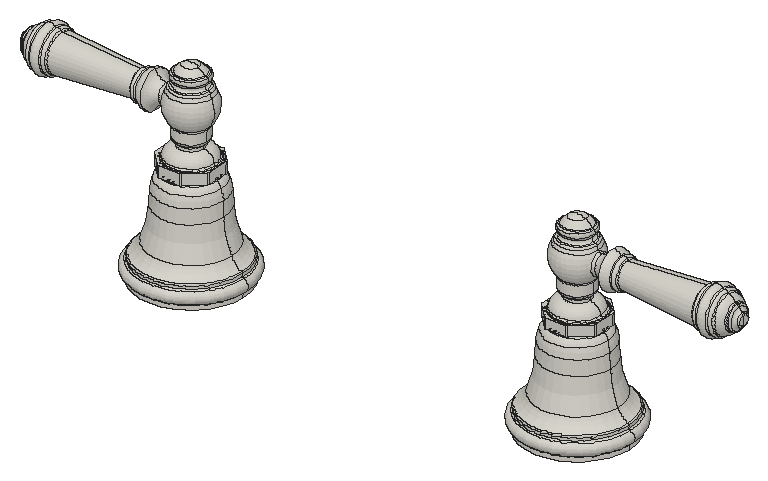
Revit family "Shower-Trim-KOHLER-ARTIFACTS-K-97038BR_1", category Plumbing Fixtures, host Face, Revit 2017
Family settings
  Host = Face
  Round Connector Dimension = Use Diameter
  Part Type = Normal
  OmniClass Number = 23.31.17.00
  OmniClass Title = Showers
  Cut with Voids When Loaded = No
  Shared = No
  Room Calculation Point = No
Parameters (values of type "SN-Vibrant Polished Nickel")
  Width [instance] = 7 7/8"
  WaterSense Certified = 1 = 0  # no
  Waste Water Outlet = "Waste Water Outlet"  # constant formula
  Waste Connection = 1 = 0  # no
  Vent Connection = 1 = 0  # no
  URL = "https://br.kohler.com/"
  Type = 1
  Product Page URL = "https://br.kohler.com/product-detail/97038br-4?skuid=K-97038BR-4-SN"
  Product Name = "Artifacts"  # constant formula
  Product Documentation Link = "http://resources.kohler.com/plumbing/kohlerbrazil/pdf/K-97038BR-4_spec_br.pdf"
  Pressure = 0.00 psi
  Model = "K-97038BR-4-SN"  # constant formula
  Handle Clearance = 3 99/256"  # constant formula
  Material = "Premium Metal Construction"  # constant formula
  Master Format 2014 Name = "Residential Showers"  # constant formula
  Master Format 2014 = "22 42 23"  # constant formula
  Manufacturer Address = "Rio de Janeiro MULTIREPAROS RUA BATISTA DA COSTA, Nº 352 | STORE B Rio de Janeiro SÃO GONÇALO 24450-470"  # constant formula
  Manufacturer = "KOHLER Co."  # constant formula
  Length = 3 15/16"  # constant formula
  Hot Water Inlet = "Hot Water Inlet"  # constant formula
  Height = 2 83/256"  # constant formula
  HW Connection = 1 = 1  # yes
  Flow Rate = 0 GPM
  Finish = Kohler-Metal-SN-Vibrant_Polished_Nickel
  Environmental Product Declaration = ""
  Drain Included = 1 = 0  # no
  Description = "Finish for lever shower mixer"  # constant formula
  Default Elevation = 42"
  Declare Label = ""
  Date Modified = "05/10/2021"  # constant formula
  Date Created = "05/10/2021"  # constant formula
  Copyright = "Copyright KOHLER Co."  # constant formula
  Contact Us = "https://br.kohler.com/asr-listing"
  Cold Water Inlet = "Cold Water Inlet"  # constant formula
  CW Connection = 1 = 1  # yes
  Assembly Code = "D2010700"
  ADA Compliant = 1 = 0  # no
Reference planes (in)
  plane 1 "Center (Front/Back)": y = 0
  plane 2: z = 0
  plane 3 "Center (Left/Right)": x = 0
  plane 4: x = -3.9375
  plane 5: x = 3.9375
  plane 6: y = 1.16142
  plane 7: y = -1.1628
  plane 8: x = -5.09892
  plane 9: x = -2.77608
  plane 10: x = 2.77608
  plane 11: x = 5.09892
  plane 12: x = -7.32422
  plane 13: x = 7.32422
  plane 14: z = 3.9375
  plane 15: z = 0.34482
Dimensions and locks (in)
  equal spacing: plane 4, plane 3 "Center (Left/Right)", plane 5
  "Width": plane 4 to plane 5
  "Handle Clearance": plane 12 to plane 4
  "Length": plane 14 to level
  "Height": plane 7 to plane 6
  "Handle Clearance": plane 5 to plane 13
  locked: plane 11 to plane 10 at 2.32283
  locked: plane 9 to plane 8 at 2.32283
  equal spacing: plane 11, plane 5, plane 10
  equal spacing: plane 9, plane 4, plane 8
  aligned and locked: plane 2 to host face
  aligned and locked: level to host face
  aligned and locked: nested 1 to plane 4
  aligned and locked: plane 5 to nested 2
Automatic sketch dimensions
  host sketch curve to host sketch curve = 96"  (x2)
Nested families (in)
  nested 1: "K-97038BR" at (-0.00049, 0, 0), type "K-97038BR"
  nested 2: "K-97038BR" at (0.00049, 0, 0) x (-1, 0, 0) z (0, 0, 1), type "K-97038BR"
Connectors (in)
  piping at (-3.9375, 0, 0), diameter 0.75, driven by "Flow Rate", driven by "HW Connection", driven by "Hot Water Inlet"
    settings: on nested 1, index 1, connector inside diameter 24", connector length 0", flow factor 0, pipe flow 0 GPM, pressure drop 0.00 psi, fitting loss kfactor 0, connector angle 0.00°, fixture units 0, engagement length 0", angle of deflection 0.00°, flow configuration 0, flow direction 1, fitting loss method 0, system type 19, joint type 0, gender type 0, connector reference index -1, connector utility 1, adjustable connector no, is connector primary yes, connector description "Hot Water Inlet"
  piping at (3.9375, 0, 0), diameter 0.75, driven by "Flow Rate", driven by "CW Connection", driven by "Cold Water Inlet"
    settings: on nested 2, index 2, connector inside diameter 24", connector length 0", flow factor 0, pipe flow 0 GPM, pressure drop 0.00 psi, fitting loss kfactor 0, connector angle 0.00°, fixture units 0, engagement length 0", angle of deflection 0.00°, flow configuration 0, flow direction 1, fitting loss method 0, system type 20, joint type 0, gender type 0, connector reference index -1, connector utility 1, adjustable connector no, is connector primary no, connector description "Cold Water Inlet"
Definition of nested family "K-97038BR"
  Parameters (values of type "K-97038BR")
    Material = none
  Reference planes (in)
    plane 1 "Center (Front/Back)": y = 0
    plane 2: z = 0
    plane 3 "Center (Left/Right)": x = 0
    plane 4: x = -3.93701
    plane 5: x = 3.93701
    plane 6: y = 1.16142
    plane 7: x = -5.09843
    plane 8: x = -2.77559
    plane 9: y = -1.16142
    plane 10: x = 5.09843
    plane 11: x = 2.77559
    plane 12: x = 7.32283
    plane 13: x = -7.32283
    plane 14: z = 3.93701
  Forms (in)
    Revolve 1, solid, material <- "Material", detail levels medium+fine
      sketch origin (0, 0, 0) x (1, 0, 0) y (0, 0, 1)
        loop
          line (-3.93701, 0) -> (-3.93701, 3.93701)
          arc (-3.93701, 3.93701) -> (-4.02172, 3.92455) -> (-4.09926, 3.88823) r 0.29422
          arc (-4.09926, 3.88823) -> (-4.16292, 3.83804) -> (-4.21735, 3.77796) r 0.48586
          arc (-4.21735, 3.77796) -> (-4.22986, 3.76751) -> (-4.24566, 3.76347) r 0.03694
          arc (-4.24566, 3.76347) -> (-4.26148, 3.75842) -> (-4.27218, 3.74574) r 0.02998
          arc (-4.27218, 3.74574) -> (-4.28183, 3.7064) -> (-4.27699, 3.66618) r 0.11306
          arc (-4.27699, 3.66618) -> (-4.26607, 3.64526) -> (-4.24845, 3.62957) r 0.06552
          arc (-4.24845, 3.62957) -> (-4.21959, 3.57522) -> (-4.2535, 3.52386) r 0.06026
          arc (-4.2535, 3.52386) -> (-4.27234, 3.51631) -> (-4.29204, 3.51146) r 0.14527
          arc (-4.29204, 3.51146) -> (-4.31051, 3.50267) -> (-4.32176, 3.48559) r 0.03801
          arc (-4.32176, 3.48559) -> (-4.33567, 3.4487) -> (-4.35327, 3.41343) r 0.38638
          arc (-4.35327, 3.41343) -> (-4.41097, 3.1165) -> (-4.27886, 2.84439) r 0.478
          arc (-4.27886, 2.84439) -> (-4.26668, 2.82581) -> (-4.26241, 2.804) r 0.05779
          line (-4.26241, 2.804) -> (-4.26241, 2.59152)
          arc (-4.26241, 2.59152) -> (-4.25403, 2.56707) -> (-4.23242, 2.55291) r 0.03985
          arc (-4.23242, 2.55291) -> (-4.20003, 2.53167) -> (-4.18747, 2.49502) r 0.05975
          line (-4.18747, 2.49502) -> (-4.18747, 2.43879)
          arc (-4.18747, 2.43879) -> (-4.3346, 2.37741) -> (-4.41067, 2.23731) r 0.23967
          arc (-4.41067, 2.23731) -> (-4.41839, 2.22077) -> (-4.43368, 2.21081) r 0.03321
          line (-4.43368, 2.21081) -> (-4.46463, 2.20126)
          arc (-4.46463, 2.20126) -> (-4.47798, 2.19179) -> (-4.4831, 2.17624) r 0.02619
          line (-4.4831, 2.17624) -> (-4.4831, 2.02613)
          arc (-4.4831, 2.02613) -> (-4.4791, 2.00929) -> (-4.46794, 1.99607) r 0.03737
          arc (-4.46794, 1.99607) -> (-4.45586, 1.97287) -> (-4.46674, 1.94908) r 0.02979
          arc (-4.46674, 1.94908) -> (-4.51781, 1.89395) -> (-4.5521, 1.82707) r 0.27575
          arc (-4.5521, 1.82707) -> (-4.57985, 1.72802) -> (-4.59475, 1.62624) r 0.80529
          arc (-4.59475, 1.62624) -> (-4.60468, 1.48518) -> (-4.61145, 1.34393) r 6.33466
          arc (-4.61145, 1.34393) -> (-4.65472, 1.00788) -> (-4.75829, 0.68527) r 1.85841
          arc (-4.75829, 0.68527) -> (-4.84184, 0.5538) -> (-4.96333, 0.45631) r 0.47641
          arc (-4.96333, 0.45631) -> (-4.97557, 0.44428) -> (-4.98006, 0.42772) r 0.0328
          line (-4.98006, 0.42772) -> (-4.98006, 0.37308)
          arc (-4.98006, 0.37308) -> (-4.98633, 0.35506) -> (-5.00244, 0.34482) r 0.02903
          arc (-5.00244, 0.34482) -> (-5.09444, 0.23532) -> (-5.01572, 0.11591) r 0.11962
          arc (-5.01572, 0.11591) -> (-5.00264, 0.1059) -> (-4.99768, 0.0902) r 0.02734
          line (-4.99768, 0.0902) -> (-4.99768, 0) -> (-3.93701, 0)
        axis (-3.93701, 0) -> (-3.93701, 3.93701)
      angle from 0 to 360
    Extrusion 2, solid, material <- "Material", detail levels medium+fine
      sketch origin (0, 0, 0) x (1, 0, 0) y (0, 1, 0)
        loop
          arc (-4.17741, -0.53741) -> (-4.16347, -0.54673) -> (-4.14703, -0.55) r 0.04297
          line (-4.14703, -0.55) -> (-3.72699, -0.55)
          arc (-3.72699, -0.55) -> (-3.71055, -0.54673) -> (-3.69661, -0.53741) r 0.04297
          line (-3.69661, -0.53741) -> (-3.39959, -0.2404)
          arc (-3.39959, -0.2404) -> (-3.39028, -0.22646) -> (-3.38701, -0.21002) r 0.04297
          line (-3.38701, -0.21002) -> (-3.38701, 0.21002)
          arc (-3.38701, 0.21002) -> (-3.39028, 0.22646) -> (-3.39959, 0.2404) r 0.04297
          line (-3.39959, 0.2404) -> (-3.69661, 0.53741)
          arc (-3.69661, 0.53741) -> (-3.71055, 0.54673) -> (-3.72699, 0.55) r 0.04297
          line (-3.72699, 0.55) -> (-4.14703, 0.55)
          arc (-4.14703, 0.55) -> (-4.16347, 0.54673) -> (-4.17741, 0.53741) r 0.04297
          line (-4.17741, 0.53741) -> (-4.47442, 0.2404)
          arc (-4.47442, 0.2404) -> (-4.48374, 0.22646) -> (-4.48701, 0.21002) r 0.04297
          line (-4.48701, 0.21002) -> (-4.48701, -0.20992)
          arc (-4.48701, -0.20992) -> (-4.48372, -0.22646) -> (-4.47435, -0.24047) r 0.04321
          line (-4.47435, -0.24047) -> (-4.17741, -0.53741)
      from 1.99532 to 2.20551
    Revolve 3, solid, material <- "Material", detail levels medium+fine
      sketch origin (0, 0, 0) x (1, 0, 0) y (0, 0, 1)
        loop
          line (-7.32283, 3.17841) -> (-4.08763, 3.17841) -> (-4.08763, 3.42596) -> (-4.32051, 3.42596)
          arc (-4.32051, 3.42596) -> (-4.37699, 3.38206) -> (-4.44797, 3.37311) r 0.13524
          arc (-4.44797, 3.37311) -> (-4.58212, 3.43271) -> (-4.66511, 3.5538) r 0.26942
          arc (-4.66511, 3.5538) -> (-4.7528, 3.53502) -> (-4.82472, 3.48144) r 0.21049
          arc (-4.82472, 3.48144) -> (-4.84423, 3.47148) -> (-4.86518, 3.47785) r 0.02928
          arc (-4.86518, 3.47785) -> (-4.90837, 3.4873) -> (-4.9419, 3.45848) r 0.04953
          arc (-4.9419, 3.45848) -> (-4.95288, 3.44568) -> (-4.96926, 3.44166) r 0.02759
          line (-4.96926, 3.44166) -> (-6.57231, 3.55375)
          arc (-6.57231, 3.55375) -> (-6.58681, 3.55873) -> (-6.59691, 3.57026) r 0.02976
          arc (-6.59691, 3.57026) -> (-6.62781, 3.59631) -> (-6.66793, 3.59138) r 0.05053
          arc (-6.66793, 3.59138) -> (-6.68897, 3.58833) -> (-6.70609, 3.60096) r 0.02798
          arc (-6.70609, 3.60096) -> (-6.79167, 3.64921) -> (-6.87737, 3.60116) r 0.10024
          arc (-6.87737, 3.60116) -> (-6.89514, 3.58812) -> (-6.91694, 3.59134) r 0.02898
          arc (-6.91694, 3.59134) -> (-6.95896, 3.5955) -> (-6.98907, 3.56589) r 0.04979
          arc (-6.98907, 3.56589) -> (-6.99836, 3.5518) -> (-7.0129, 3.54323) r 0.03741
          arc (-7.0129, 3.54323) -> (-7.08891, 3.50215) -> (-7.14424, 3.43579) r 0.2286
          arc (-7.14424, 3.43579) -> (-7.15508, 3.42465) -> (-7.17007, 3.42056) r 0.02951
          line (-7.17007, 3.42056) -> (-7.20162, 3.42056)
          arc (-7.20162, 3.42056) -> (-7.21889, 3.41391) -> (-7.22724, 3.3974) r 0.02575
          arc (-7.22724, 3.3974) -> (-7.25078, 3.34277) -> (-7.30145, 3.31158) r 0.09874
          arc (-7.30145, 3.31158) -> (-7.31686, 3.30155) -> (-7.32283, 3.28416) r 0.02827
          line (-7.32283, 3.28416) -> (-7.32283, 3.17841)
        axis (-4.08763, 3.17841) -> (-7.32283, 3.17841)
      angle from 0 to 360
    Revolve 4, solid, material <- "Material", detail levels coarse
      sketch origin (0, 0, 0) x (1, 0, 0) y (0, 0, 1)
        loop
          line (-5.09843, 0) -> (-3.93701, 0) -> (-3.93701, 3.93701) -> (-4.41551, 3.93701) -> (-4.41551, 2.20551) -> (-4.96333, 0.45631) -> (-5.09843, 0.45631) -> (-5.09843, 0)
        axis (-3.93701, 0) -> (-3.93701, 3.93701)
      angle from 0 to 360
    Extrusion 5, solid, material <- "Material", detail levels coarse
      sketch origin (0, 0, 0) x (0, 1, 0) y (0, 0, 1)
        loop
          circle (0, 3.17841) r 0.39671
      from -7.32283 to -3.92141
    Extrusion 6, solid, material <- "Material", detail levels medium+fine
      sketch origin (0, 0, 0) x (1, 0, 0) y (0, 1, 0)
        loop
          circle (-3.93701, 0) r 0.07789
      from 0 to 0.10112
  Cuts and joins
    joined: Revolve 1, Revolve 3
    joined: Revolve 4, Extrusion 5
  Lines and regions (in)
    Masking region 1
      outline origin (0, 0, 0) x (1, 0, 0) y (0, 0, 1)
        loop
          line (-3.93701, 0) -> (-2.87633, 0) -> (-2.87633, 0.0902)
          arc (-2.87633, 0.0902) -> (-2.87137, 0.1059) -> (-2.85829, 0.11591) r 0.02734
          arc (-2.85829, 0.11591) -> (-2.77957, 0.23532) -> (-2.87158, 0.34482) r 0.11962
          arc (-2.87158, 0.34482) -> (-2.88768, 0.35506) -> (-2.89395, 0.37308) r 0.02903
          line (-2.89395, 0.37308) -> (-2.89395, 0.42772)
          arc (-2.89395, 0.42772) -> (-2.89844, 0.44428) -> (-2.91069, 0.45631) r 0.0328
          arc (-2.91069, 0.45631) -> (-3.03218, 0.5538) -> (-3.11573, 0.68527) r 0.47641
          arc (-3.11573, 0.68527) -> (-3.21929, 1.00788) -> (-3.26256, 1.34393) r 1.85841
          arc (-3.26256, 1.34393) -> (-3.26934, 1.48518) -> (-3.27927, 1.62624) r 6.33466
          arc (-3.27927, 1.62624) -> (-3.29416, 1.72802) -> (-3.32191, 1.82707) r 0.80529
          arc (-3.32191, 1.82707) -> (-3.3562, 1.89395) -> (-3.40727, 1.94908) r 0.27575
          arc (-3.40727, 1.94908) -> (-3.41816, 1.97287) -> (-3.40608, 1.99607) r 0.02979
          arc (-3.40608, 1.99607) -> (-3.39492, 2.00929) -> (-3.39091, 2.02613) r 0.03737
          line (-3.39091, 2.02613) -> (-3.39091, 2.17624)
          arc (-3.39091, 2.17624) -> (-3.39603, 2.19179) -> (-3.40939, 2.20126) r 0.02619
          line (-3.40939, 2.20126) -> (-3.44034, 2.21081)
          arc (-3.44034, 2.21081) -> (-3.45563, 2.22077) -> (-3.46335, 2.23731) r 0.03321
          arc (-3.46335, 2.23731) -> (-3.53942, 2.37741) -> (-3.68654, 2.43879) r 0.23967
          line (-3.68654, 2.43879) -> (-3.68654, 2.49502)
          arc (-3.68654, 2.49502) -> (-3.67398, 2.53167) -> (-3.64159, 2.55291) r 0.05975
          arc (-3.64159, 2.55291) -> (-3.61999, 2.56707) -> (-3.61161, 2.59152) r 0.03985
          line (-3.61161, 2.59152) -> (-3.61161, 2.804)
          arc (-3.61161, 2.804) -> (-3.60734, 2.82581) -> (-3.59515, 2.84439) r 0.05779
          arc (-3.59515, 2.84439) -> (-3.46305, 3.1165) -> (-3.52074, 3.41343) r 0.478
          arc (-3.52074, 3.41343) -> (-3.53834, 3.4487) -> (-3.55226, 3.48559) r 0.38638
          arc (-3.55226, 3.48559) -> (-3.5635, 3.50267) -> (-3.58197, 3.51146) r 0.03801
          arc (-3.58197, 3.51146) -> (-3.60168, 3.51631) -> (-3.62051, 3.52386) r 0.14527
          arc (-3.62051, 3.52386) -> (-3.65443, 3.57522) -> (-3.62556, 3.62957) r 0.06026
          arc (-3.62556, 3.62957) -> (-3.60795, 3.64526) -> (-3.59703, 3.66618) r 0.06552
          arc (-3.59703, 3.66618) -> (-3.59219, 3.7064) -> (-3.60183, 3.74574) r 0.11306
          arc (-3.60183, 3.74574) -> (-3.61254, 3.75842) -> (-3.62836, 3.76347) r 0.02998
          arc (-3.62836, 3.76347) -> (-3.64415, 3.76751) -> (-3.65667, 3.77796) r 0.03694
          arc (-3.65667, 3.77796) -> (-3.7111, 3.83804) -> (-3.77476, 3.88823) r 0.48586
          arc (-3.77476, 3.88823) -> (-3.8523, 3.92455) -> (-3.93701, 3.93701) r 0.29422
          arc (-3.93701, 3.93701) -> (-4.02172, 3.92455) -> (-4.09926, 3.88823) r 0.29422
          arc (-4.09926, 3.88823) -> (-4.16292, 3.83804) -> (-4.21735, 3.77796) r 0.48586
          arc (-4.21735, 3.77796) -> (-4.22986, 3.76751) -> (-4.24566, 3.76347) r 0.03694
          arc (-4.24566, 3.76347) -> (-4.26148, 3.75842) -> (-4.27218, 3.74574) r 0.02998
          arc (-4.27218, 3.74574) -> (-4.28183, 3.7064) -> (-4.27699, 3.66618) r 0.11306
          arc (-4.27699, 3.66618) -> (-4.26607, 3.64526) -> (-4.24845, 3.62957) r 0.06552
          arc (-4.24845, 3.62957) -> (-4.21959, 3.57522) -> (-4.2535, 3.52386) r 0.06026
          arc (-4.2535, 3.52386) -> (-4.27234, 3.51631) -> (-4.29204, 3.51146) r 0.14527
          arc (-4.29204, 3.51146) -> (-4.31051, 3.50267) -> (-4.32176, 3.48559) r 0.03801
          arc (-4.32176, 3.48559) -> (-4.33654, 3.44673) -> (-4.35541, 3.40969) r 0.38638
          arc (-4.35541, 3.40969) -> (-4.37825, 3.3852) -> (-4.40948, 3.37313) r 0.07484
          arc (-4.40948, 3.37313) -> (-4.42872, 3.37174) -> (-4.44797, 3.37311) r 0.13524
          arc (-4.44797, 3.37311) -> (-4.58212, 3.43271) -> (-4.66511, 3.5538) r 0.26942
          arc (-4.66511, 3.5538) -> (-4.7528, 3.53502) -> (-4.82472, 3.48144) r 0.21049
          arc (-4.82472, 3.48144) -> (-4.84423, 3.47148) -> (-4.86518, 3.47785) r 0.02928
          arc (-4.86518, 3.47785) -> (-4.90837, 3.4873) -> (-4.9419, 3.45848) r 0.04953
          arc (-4.9419, 3.45848) -> (-4.95288, 3.44568) -> (-4.96926, 3.44166) r 0.02759
          line (-4.96926, 3.44166) -> (-6.57231, 3.55375)
          arc (-6.57231, 3.55375) -> (-6.58681, 3.55873) -> (-6.59691, 3.57026) r 0.02976
          arc (-6.59691, 3.57026) -> (-6.62781, 3.59631) -> (-6.66793, 3.59138) r 0.05053
          arc (-6.66793, 3.59138) -> (-6.68897, 3.58833) -> (-6.70609, 3.60096) r 0.02798
          arc (-6.70609, 3.60096) -> (-6.79167, 3.64921) -> (-6.87737, 3.60116) r 0.10024
          arc (-6.87737, 3.60116) -> (-6.89514, 3.58812) -> (-6.91694, 3.59134) r 0.02898
          arc (-6.91694, 3.59134) -> (-6.95896, 3.5955) -> (-6.98907, 3.56589) r 0.04979
          arc (-6.98907, 3.56589) -> (-6.99836, 3.5518) -> (-7.0129, 3.54323) r 0.03741
          arc (-7.0129, 3.54323) -> (-7.08891, 3.50215) -> (-7.14424, 3.43579) r 0.2286
          arc (-7.14424, 3.43579) -> (-7.15508, 3.42465) -> (-7.17007, 3.42056) r 0.02951
          line (-7.17007, 3.42056) -> (-7.20162, 3.42056)
          arc (-7.20162, 3.42056) -> (-7.21889, 3.41391) -> (-7.22724, 3.3974) r 0.02575
          arc (-7.22724, 3.3974) -> (-7.25078, 3.34277) -> (-7.30145, 3.31158) r 0.09874
          arc (-7.30145, 3.31158) -> (-7.31686, 3.30155) -> (-7.32283, 3.28416) r 0.02827
          line (-7.32283, 3.28416) -> (-7.32283, 3.17841) -> (-7.32283, 3.07266)
          arc (-7.32283, 3.07266) -> (-7.31686, 3.05527) -> (-7.30145, 3.04524) r 0.02827
          arc (-7.30145, 3.04524) -> (-7.25078, 3.01405) -> (-7.22724, 2.95942) r 0.09874
          arc (-7.22724, 2.95942) -> (-7.21889, 2.94291) -> (-7.20162, 2.93626) r 0.02575
          line (-7.20162, 2.93626) -> (-7.17007, 2.93626)
          arc (-7.17007, 2.93626) -> (-7.15508, 2.93217) -> (-7.14424, 2.92103) r 0.02951
          arc (-7.14424, 2.92103) -> (-7.08891, 2.85467) -> (-7.0129, 2.81359) r 0.2286
          arc (-7.0129, 2.81359) -> (-6.99836, 2.80502) -> (-6.98907, 2.79093) r 0.03741
          arc (-6.98907, 2.79093) -> (-6.95896, 2.76132) -> (-6.91694, 2.76548) r 0.04979
          arc (-6.91694, 2.76548) -> (-6.89514, 2.7687) -> (-6.87737, 2.75566) r 0.02898
          arc (-6.87737, 2.75566) -> (-6.79167, 2.70761) -> (-6.70609, 2.75586) r 0.10024
          arc (-6.70609, 2.75586) -> (-6.68897, 2.76849) -> (-6.66793, 2.76544) r 0.02798
          arc (-6.66793, 2.76544) -> (-6.62781, 2.76051) -> (-6.59691, 2.78656) r 0.05053
          arc (-6.59691, 2.78656) -> (-6.58681, 2.79809) -> (-6.57231, 2.80307) r 0.02976
          line (-6.57231, 2.80307) -> (-4.96926, 2.91516)
          arc (-4.96926, 2.91516) -> (-4.95288, 2.91114) -> (-4.9419, 2.89834) r 0.02759
          arc (-4.9419, 2.89834) -> (-4.90837, 2.86952) -> (-4.86518, 2.87897) r 0.04953
          arc (-4.86518, 2.87897) -> (-4.84423, 2.88534) -> (-4.82472, 2.87538) r 0.02928
          arc (-4.82472, 2.87538) -> (-4.7528, 2.8218) -> (-4.66511, 2.80302) r 0.21049
          arc (-4.66511, 2.80302) -> (-4.58212, 2.92411) -> (-4.44797, 2.98371) r 0.26942
          arc (-4.44797, 2.98371) -> (-4.42271, 2.98494) -> (-4.39767, 2.98145) r 0.13524
          arc (-4.39767, 2.98145) -> (-4.37407, 2.97026) -> (-4.35708, 2.95041) r 0.06258
          arc (-4.35708, 2.95041) -> (-4.32164, 2.89469) -> (-4.27886, 2.84439) r 0.478
          arc (-4.27886, 2.84439) -> (-4.26668, 2.82581) -> (-4.26241, 2.804) r 0.05779
          line (-4.26241, 2.804) -> (-4.26241, 2.59152)
          arc (-4.26241, 2.59152) -> (-4.25403, 2.56707) -> (-4.23242, 2.55291) r 0.03985
          arc (-4.23242, 2.55291) -> (-4.20003, 2.53167) -> (-4.18747, 2.49502) r 0.05975
          line (-4.18747, 2.49502) -> (-4.18747, 2.43879)
          arc (-4.18747, 2.43879) -> (-4.3346, 2.37741) -> (-4.41067, 2.23731) r 0.23967
          arc (-4.41067, 2.23731) -> (-4.41839, 2.22077) -> (-4.43368, 2.21081) r 0.03321
          line (-4.43368, 2.21081) -> (-4.46463, 2.20126)
          arc (-4.46463, 2.20126) -> (-4.47798, 2.19179) -> (-4.4831, 2.17624) r 0.02619
          line (-4.4831, 2.17624) -> (-4.4831, 2.02613)
          arc (-4.4831, 2.02613) -> (-4.4791, 2.00929) -> (-4.46794, 1.99607) r 0.03737
          arc (-4.46794, 1.99607) -> (-4.45586, 1.97287) -> (-4.46674, 1.94908) r 0.02979
          arc (-4.46674, 1.94908) -> (-4.51781, 1.89395) -> (-4.5521, 1.82707) r 0.27575
          arc (-4.5521, 1.82707) -> (-4.57985, 1.72802) -> (-4.59475, 1.62624) r 0.80529
          arc (-4.59475, 1.62624) -> (-4.60468, 1.48518) -> (-4.61145, 1.34393) r 6.33466
          arc (-4.61145, 1.34393) -> (-4.65472, 1.00788) -> (-4.75829, 0.68527) r 1.85841
          arc (-4.75829, 0.68527) -> (-4.84184, 0.5538) -> (-4.96333, 0.45631) r 0.47641
          arc (-4.96333, 0.45631) -> (-4.97557, 0.44428) -> (-4.98006, 0.42772) r 0.0328
          line (-4.98006, 0.42772) -> (-4.98006, 0.37308)
          arc (-4.98006, 0.37308) -> (-4.98633, 0.35506) -> (-5.00244, 0.34482) r 0.02903
          arc (-5.00244, 0.34482) -> (-5.09444, 0.23532) -> (-5.01572, 0.11591) r 0.11962
          arc (-5.01572, 0.11591) -> (-5.00264, 0.1059) -> (-4.99768, 0.0902) r 0.02734
          line (-4.99768, 0.0902) -> (-4.99768, 0) -> (-3.93701, 0)
    Masking region 2
      outline origin (0, 0, 0) x (0, 1, 0) y (0, 0, 1)
        loop
          line (0.00675, 0) -> (1.06446, 0) -> (1.06446, 0.0902)
          arc (1.06446, 0.0902) -> (1.06942, 0.1059) -> (1.08249, 0.11591) r 0.02734
          arc (1.08249, 0.11591) -> (1.16122, 0.23532) -> (1.06921, 0.34482) r 0.11962
          arc (1.06921, 0.34482) -> (1.05311, 0.35506) -> (1.04683, 0.37308) r 0.02903
          line (1.04683, 0.37308) -> (1.04683, 0.42772)
          arc (1.04683, 0.42772) -> (1.04234, 0.44428) -> (1.0301, 0.45631) r 0.0328
          arc (1.0301, 0.45631) -> (0.90861, 0.5538) -> (0.82506, 0.68527) r 0.47641
          arc (0.82506, 0.68527) -> (0.72149, 1.00788) -> (0.67822, 1.34393) r 1.85841
          arc (0.67822, 1.34393) -> (0.67145, 1.48518) -> (0.66152, 1.62624) r 6.33466
          arc (0.66152, 1.62624) -> (0.64662, 1.72802) -> (0.61887, 1.82707) r 0.80529
          arc (0.61887, 1.82707) -> (0.58459, 1.89395) -> (0.53352, 1.94908) r 0.27575
          arc (0.53352, 1.94908) -> (0.52263, 1.97287) -> (0.53471, 1.99607) r 0.02979
          arc (0.53471, 1.99607) -> (0.54587, 2.00929) -> (0.54987, 2.02613) r 0.03737
          line (0.54987, 2.02613) -> (0.54987, 2.17624)
          arc (0.54987, 2.17624) -> (0.54476, 2.19179) -> (0.5314, 2.20126) r 0.02619
          line (0.5314, 2.20126) -> (0.50045, 2.21081)
          arc (0.50045, 2.21081) -> (0.48516, 2.22077) -> (0.47744, 2.23731) r 0.03321
          arc (0.47744, 2.23731) -> (0.40137, 2.37741) -> (0.25425, 2.43879) r 0.23967
          line (0.25425, 2.43879) -> (0.25425, 2.49502)
          arc (0.25425, 2.49502) -> (0.2668, 2.53167) -> (0.2992, 2.55291) r 0.05975
          arc (0.2992, 2.55291) -> (0.3208, 2.56707) -> (0.32918, 2.59152) r 0.03985
          line (0.32918, 2.59152) -> (0.32918, 2.804)
          arc (0.32918, 2.804) -> (0.33345, 2.82581) -> (0.34564, 2.84439) r 0.05779
          arc (0.34564, 2.84439) -> (0.47774, 3.1165) -> (0.42004, 3.41343) r 0.478
          arc (0.42004, 3.41343) -> (0.40245, 3.4487) -> (0.38853, 3.48559) r 0.38638
          arc (0.38853, 3.48559) -> (0.37729, 3.50267) -> (0.35882, 3.51146) r 0.03801
          arc (0.35882, 3.51146) -> (0.33911, 3.51631) -> (0.32027, 3.52386) r 0.14527
          arc (0.32027, 3.52386) -> (0.28636, 3.57522) -> (0.31522, 3.62957) r 0.06026
          arc (0.31522, 3.62957) -> (0.33284, 3.64526) -> (0.34376, 3.66618) r 0.06552
          arc (0.34376, 3.66618) -> (0.3486, 3.7064) -> (0.33896, 3.74574) r 0.11306
          arc (0.33896, 3.74574) -> (0.32825, 3.75842) -> (0.31243, 3.76347) r 0.02998
          arc (0.31243, 3.76347) -> (0.29664, 3.76751) -> (0.28412, 3.77796) r 0.03694
          arc (0.28412, 3.77796) -> (0.22969, 3.83804) -> (0.16603, 3.88823) r 0.48586
          arc (0.16603, 3.88823) -> (0.08668, 3.92509) -> (0, 3.93698) r 0.29422
          arc (0, 3.93698) -> (-0.08668, 3.92509) -> (-0.16603, 3.88823) r 0.29422
          arc (-0.16603, 3.88823) -> (-0.22969, 3.83804) -> (-0.28412, 3.77796) r 0.48586
          arc (-0.28412, 3.77796) -> (-0.29664, 3.76751) -> (-0.31243, 3.76347) r 0.03694
          arc (-0.31243, 3.76347) -> (-0.32825, 3.75842) -> (-0.33896, 3.74574) r 0.02998
          arc (-0.33896, 3.74574) -> (-0.3486, 3.7064) -> (-0.34376, 3.66618) r 0.11306
          arc (-0.34376, 3.66618) -> (-0.33284, 3.64526) -> (-0.31522, 3.62957) r 0.06552
          arc (-0.31522, 3.62957) -> (-0.28636, 3.57522) -> (-0.32027, 3.52386) r 0.06026
          arc (-0.32027, 3.52386) -> (-0.33911, 3.51631) -> (-0.35882, 3.51146) r 0.14527
          arc (-0.35882, 3.51146) -> (-0.37729, 3.50267) -> (-0.38853, 3.48559) r 0.03801
          arc (-0.38853, 3.48559) -> (-0.40245, 3.4487) -> (-0.42004, 3.41343) r 0.38638
          arc (-0.42004, 3.41343) -> (-0.47774, 3.1165) -> (-0.34564, 2.84439) r 0.478
          arc (-0.34564, 2.84439) -> (-0.33345, 2.82581) -> (-0.32918, 2.804) r 0.05779
          line (-0.32918, 2.804) -> (-0.32918, 2.59152)
          arc (-0.32918, 2.59152) -> (-0.3208, 2.56707) -> (-0.2992, 2.55291) r 0.03985
          arc (-0.2992, 2.55291) -> (-0.2668, 2.53167) -> (-0.25425, 2.49502) r 0.05975
          line (-0.25425, 2.49502) -> (-0.25425, 2.43879)
          arc (-0.25425, 2.43879) -> (-0.40137, 2.37741) -> (-0.47744, 2.23731) r 0.23967
          arc (-0.47744, 2.23731) -> (-0.48516, 2.22077) -> (-0.50045, 2.21081) r 0.03321
          line (-0.50045, 2.21081) -> (-0.5314, 2.20126)
          arc (-0.5314, 2.20126) -> (-0.54476, 2.19179) -> (-0.54987, 2.17624) r 0.02619
          line (-0.54987, 2.17624) -> (-0.54987, 2.02613)
          arc (-0.54987, 2.02613) -> (-0.54587, 2.00929) -> (-0.53471, 1.99607) r 0.03737
          arc (-0.53471, 1.99607) -> (-0.52263, 1.97287) -> (-0.53352, 1.94908) r 0.02979
          arc (-0.53352, 1.94908) -> (-0.58459, 1.89395) -> (-0.61887, 1.82707) r 0.27575
          arc (-0.61887, 1.82707) -> (-0.64662, 1.72802) -> (-0.66152, 1.62624) r 0.80529
          arc (-0.66152, 1.62624) -> (-0.67145, 1.48518) -> (-0.67822, 1.34393) r 6.33466
          arc (-0.67822, 1.34393) -> (-0.72149, 1.00788) -> (-0.82506, 0.68527) r 1.85841
          arc (-0.82506, 0.68527) -> (-0.90861, 0.5538) -> (-1.0301, 0.45631) r 0.47641
          arc (-1.0301, 0.45631) -> (-1.04234, 0.44428) -> (-1.04683, 0.42772) r 0.0328
          line (-1.04683, 0.42772) -> (-1.04683, 0.37308)
          arc (-1.04683, 0.37308) -> (-1.05311, 0.35506) -> (-1.06921, 0.34482) r 0.02903
          arc (-1.06921, 0.34482) -> (-1.16122, 0.23532) -> (-1.08249, 0.11591) r 0.11962
          arc (-1.08249, 0.11591) -> (-1.06942, 0.1059) -> (-1.06446, 0.0902) r 0.02734
          line (-1.06446, 0.0902) -> (-1.06446, 0) -> (0.00675, 0)
    Masking region 3
      outline origin (0, 0, 0) x (1, 0, 0) y (0, 1, 0)
        loop
          line (-7.32283, 0) -> (-7.32283, -0.10575)
          arc (-7.32283, -0.10575) -> (-7.31686, -0.12314) -> (-7.30145, -0.13317) r 0.02827
          arc (-7.30145, -0.13317) -> (-7.25078, -0.16436) -> (-7.22724, -0.21899) r 0.09874
          arc (-7.22724, -0.21899) -> (-7.21889, -0.2355) -> (-7.20162, -0.24215) r 0.02575
          line (-7.20162, -0.24215) -> (-7.17007, -0.24215)
          arc (-7.17007, -0.24215) -> (-7.15508, -0.24624) -> (-7.14424, -0.25738) r 0.02951
          arc (-7.14424, -0.25738) -> (-7.08891, -0.32374) -> (-7.0129, -0.36482) r 0.2286
          arc (-7.0129, -0.36482) -> (-6.99836, -0.37339) -> (-6.98907, -0.38748) r 0.03741
          arc (-6.98907, -0.38748) -> (-6.95896, -0.41709) -> (-6.91694, -0.41293) r 0.04979
          arc (-6.91694, -0.41293) -> (-6.89514, -0.40971) -> (-6.87737, -0.42275) r 0.02898
          arc (-6.87737, -0.42275) -> (-6.79167, -0.4708) -> (-6.70609, -0.42255) r 0.10024
          arc (-6.70609, -0.42255) -> (-6.68897, -0.40992) -> (-6.66793, -0.41297) r 0.02798
          arc (-6.66793, -0.41297) -> (-6.62781, -0.4179) -> (-6.59691, -0.39185) r 0.05053
          arc (-6.59691, -0.39185) -> (-6.58681, -0.38032) -> (-6.57231, -0.37534) r 0.02976
          line (-6.57231, -0.37534) -> (-5.06659, -0.27005)
          arc (-5.06659, -0.27005) -> (-2.77559, 0) -> (-5.06659, 0.27005) r 1.16142
          line (-5.06659, 0.27005) -> (-6.57231, 0.37534)
          arc (-6.57231, 0.37534) -> (-6.58681, 0.38032) -> (-6.59691, 0.39185) r 0.02976
          arc (-6.59691, 0.39185) -> (-6.62781, 0.4179) -> (-6.66793, 0.41297) r 0.05053
          arc (-6.66793, 0.41297) -> (-6.68897, 0.40992) -> (-6.70609, 0.42255) r 0.02798
          arc (-6.70609, 0.42255) -> (-6.79167, 0.4708) -> (-6.87737, 0.42275) r 0.10024
          arc (-6.87737, 0.42275) -> (-6.89514, 0.40971) -> (-6.91694, 0.41293) r 0.02898
          arc (-6.91694, 0.41293) -> (-6.95896, 0.41709) -> (-6.98907, 0.38748) r 0.04979
          arc (-6.98907, 0.38748) -> (-6.99836, 0.37339) -> (-7.0129, 0.36482) r 0.03741
          arc (-7.0129, 0.36482) -> (-7.08891, 0.32374) -> (-7.14424, 0.25738) r 0.2286
          arc (-7.14424, 0.25738) -> (-7.15508, 0.24624) -> (-7.17007, 0.24215) r 0.02951
          line (-7.17007, 0.24215) -> (-7.20162, 0.24215)
          arc (-7.20162, 0.24215) -> (-7.21889, 0.2355) -> (-7.22724, 0.21899) r 0.02575
          arc (-7.22724, 0.21899) -> (-7.25078, 0.16436) -> (-7.30145, 0.13317) r 0.09874
          arc (-7.30145, 0.13317) -> (-7.31686, 0.12314) -> (-7.32283, 0.10575) r 0.02827
          line (-7.32283, 0.10575) -> (-7.32283, 0)
    symbolic lines, detail levels medium+fine
      curve 1: arc (0, 0, 2.80302) -> (0, 0.37539, 3.17841) -> (0, 0, 3.5538) r 0.37539
      curve 2: circle (0, 0, 3.17841) r 0.47022 normal (1, 0, 0)
      curve 3: circle (0, 0, 3.17841) r 0.41889 normal (1, 0, 0)
      curve 4: circle (0, 0, 3.17841) r 0.25 normal (1, 0, 0)
      curve 5: line (-4.48701, 0.22782, 0) -> (-4.17232, 0.54251, 0)
      curve 6: line (-4.15423, 0.55, 0) -> (-3.72052, 0.55, 0)
      curve 7: line (-3.70118, 0.54199, 0) -> (-3.39502, 0.23583, 0)
      curve 8: line (-3.38701, 0.21649, 0) -> (-3.38701, -0.21649, 0)
      curve 9: line (-4.17283, -0.54199, 0) -> (-4.48701, -0.22782, 0)
      curve 10: line (-3.72052, -0.55, 0) -> (-4.1535, -0.55, 0)
      curve 11: line (-3.39502, -0.23583, 0) -> (-3.70118, -0.54199, 0)
      curve 12: circle (-3.93701, 0, 0) r 0.28169 normal (0, 0, 1)
      curve 13: circle (-3.93701, 0, 0) r 0.30922 normal (0, 0, 1)
      curve 14: circle (-3.93701, 0, 0) r 0.38514 normal (0, 0, 1)
      curve 15: arc (-4.36187, -0.21105, 0) -> (-3.46261, 0, 0) -> (-4.36187, 0.21105, 0) r 0.4744
      curve 16: arc (-4.39645, -0.19726, 0) -> (-3.43701, 0, 0) -> (-4.39645, 0.19726, 0) r 0.5
      curve 17: arc (-4.91718, -0.30576, 0) -> (-2.91025, 0, 0) -> (-4.91718, 0.30576, 0) r 1.02676
      curve 18: arc (-4.98844, -0.26459, 0) -> (-2.8528, 0, 0) -> (-4.98844, 0.26459, 0) r 1.08421
      curve 19: arc (-4.97131, -0.26347, 0) -> (-2.86968, 0.00004, 0) -> (-4.97133, 0.26339, 0) r 1.06733
      curve 20: line (-4.96926, 0.26325, 0) -> (-5.06659, 0.27005, 0)
      curve 21: arc (-4.9419, 0.28007, 0) -> (-4.95288, 0.26727, 0) -> (-4.96926, 0.26325, 0) r 0.02759
      curve 22: arc (-4.86518, 0.29944, 0) -> (-4.90837, 0.30889, 0) -> (-4.9419, 0.28007, 0) r 0.04953
      curve 23: arc (-4.82472, 0.30303, 0) -> (-4.84423, 0.29307, 0) -> (-4.86518, 0.29944, 0) r 0.02928
      curve 24: arc (-4.66511, 0.37539, 0) -> (-4.7528, 0.35661, 0) -> (-4.82472, 0.30303, 0) r 0.21049
      curve 25: arc (-4.44797, 0.1947, 0) -> (-4.58212, 0.2543, 0) -> (-4.66511, 0.37539, 0) r 0.26942
      curve 26: arc (-4.36187, 0.21105, 0) -> (-4.40356, 0.19571, 0) -> (-4.44797, 0.1947, 0) r 0.13524
      curve 27: arc (-4.97131, -0.26347, 0) -> (-4.95377, -0.26674, 0) -> (-4.9419, -0.28007, 0) r 0.02759
      curve 28: arc (-4.9419, -0.28007, 0) -> (-4.90837, -0.30889, 0) -> (-4.86518, -0.29944, 0) r 0.04953
      curve 29: arc (-4.86518, -0.29944, 0) -> (-4.84423, -0.29307, 0) -> (-4.82472, -0.30303, 0) r 0.02928
      curve 30: arc (-4.82472, -0.30303, 0) -> (-4.7528, -0.35661, 0) -> (-4.66511, -0.37539, 0) r 0.21049
      curve 31: arc (-4.66511, -0.37539, 0) -> (-4.58212, -0.2543, 0) -> (-4.44797, -0.1947, 0) r 0.26942
      curve 32: arc (-4.44797, -0.1947, 0) -> (-4.40356, -0.19571, 0) -> (-4.36187, -0.21105, 0) r 0.13524
      curve 33: line (-4.96926, -0.26325, 0) -> (-5.06659, -0.27005, 0)
      curve 34: arc (-4.49727, 0.20658, 0) -> (-4.49394, 0.21807, 0) -> (-4.48701, 0.22782, 0) r 0.03586
      curve 35: arc (-4.48701, -0.22782, 0) -> (-4.49252, -0.21646, 0) -> (-4.48981, -0.20414, 0) r 0.01926
      curve 36: arc (-4.17232, 0.54251, 0) -> (-4.16402, 0.54805, 0) -> (-4.15423, 0.55, 0) r 0.02559
      curve 37: arc (-3.72052, 0.55, 0) -> (-3.71005, 0.54792, 0) -> (-3.70118, 0.54199, 0) r 0.02734
      curve 38: arc (-3.39502, 0.23583, 0) -> (-3.38909, 0.22696, 0) -> (-3.38701, 0.21649, 0) r 0.02734
      curve 39: arc (-3.38701, -0.21649, 0) -> (-3.38909, -0.22696, 0) -> (-3.39502, -0.23583, 0) r 0.02734
      curve 40: arc (-3.70118, -0.54199, 0) -> (-3.71005, -0.54792, 0) -> (-3.72052, -0.55, 0) r 0.02734
      curve 41: arc (-4.1535, -0.55, 0) -> (-4.16396, -0.54792, 0) -> (-4.17283, -0.54199, 0) r 0.02734
      curve 42: line (-7.23151, 0.1986, 0) -> (-7.23151, -0.1986, 0)
      curve 43: line (-7.17007, 0.24215, 0) -> (-7.17007, -0.24215, 0)
      curve 44: line (-7.14424, 0.25738, 0) -> (-7.14424, -0.25738, 0)
      curve 45: line (-7.0129, 0.36482, 0) -> (-7.0129, -0.36482, 0)
      curve 46: line (-6.98907, 0.38748, 0) -> (-6.98907, -0.38748, 0)
      curve 47: line (-6.91694, 0.41293, 0) -> (-6.91694, -0.41293, 0)
      curve 48: line (-6.87737, 0.42275, 0) -> (-6.87737, -0.42275, 0)
      curve 49: line (-6.70609, 0.42255, 0) -> (-6.70609, -0.42255, 0)
      curve 50: line (-6.66793, 0.41297, 0) -> (-6.66793, -0.41297, 0)
      curve 51: line (-6.57231, 0.37534, 0) -> (-6.57231, -0.37534, 0)
      curve 52: line (-6.59691, 0.39185, 0) -> (-6.59691, -0.39185, 0)
      curve 53: line (-4.97133, 0.26339, 0) -> (-4.97133, -0.26339, 0)
      curve 54: line (-4.9419, 0.28007, 0) -> (-4.9419, -0.28007, 0)
      curve 55: line (-4.86518, 0.29944, 0) -> (-4.86518, -0.29944, 0)
      curve 56: line (-4.82472, 0.30303, 0) -> (-4.82472, -0.30303, 0)
      curve 57: line (-4.66511, 0.37539, 0) -> (-4.66511, -0.37539, 0)
      curve 58: arc (-4.36187, 0.21105, 0) -> (-4.4114, 0, 0) -> (-4.36187, -0.21105, 0) r 0.4744
      curve 59: line (-7.30145, 0.13317, 0) -> (-7.30145, -0.13317, 0)
      curve 60: line (-7.30145, 0, 3.31158) -> (-7.30145, 0, 3.04524)
      curve 61: line (-7.22724, 0, 3.3974) -> (-7.22724, 0, 2.95942)
      curve 62: line (-7.17007, 0, 3.42056) -> (-7.17007, 0, 2.93626)
      curve 63: line (-7.14424, 0, 3.43579) -> (-7.14424, 0, 2.92103)
      curve 64: line (-7.0129, 0, 3.54323) -> (-7.0129, 0, 2.81359)
      curve 65: line (-6.98907, 0, 3.56589) -> (-6.98907, 0, 2.79093)
      curve 66: line (-6.91694, 0, 3.59134) -> (-6.91694, 0, 2.76548)
      curve 67: line (-6.87737, 0, 3.60116) -> (-6.87737, 0, 2.75566)
      curve 68: line (-6.70609, 0, 3.60096) -> (-6.70609, 0, 2.75586)
      curve 69: line (-6.66793, 0, 3.59138) -> (-6.66793, 0, 2.76544)
      curve 70: line (-6.59691, 0, 3.57026) -> (-6.59691, 0, 2.78656)
      curve 71: line (-6.57231, 0, 3.55375) -> (-6.57231, 0, 2.80307)
      curve 72: line (-4.96926, 0, 3.44166) -> (-4.96926, 0, 2.91516)
      curve 73: line (-4.9419, 0, 3.45848) -> (-4.9419, 0, 2.89834)
      curve 74: line (-4.86518, 0, 3.47785) -> (-4.86518, 0, 2.87897)
      curve 75: line (-4.82472, 0, 3.48144) -> (-4.82472, 0, 2.87538)
      curve 76: line (-4.66511, 0, 3.5538) -> (-4.66511, 0, 2.80302)
      curve 77: arc (-4.35708, 0, 2.95041) -> (-4.41499, 0, 3.18241) -> (-4.35327, 0, 3.41343) r 0.478
      curve 78: line (-4.24566, 0, 3.76347) -> (-3.63005, 0, 3.76347)
      curve 79: line (-4.27218, 0, 3.74574) -> (-3.60183, 0, 3.74574)
      curve 80: line (-4.27699, 0, 3.66618) -> (-3.59703, 0, 3.66618)
      curve 81: line (-4.24845, 0, 3.62957) -> (-3.62556, 0, 3.62957)
      curve 82: line (-4.27234, 0, 3.51631) -> (-3.60368, 0, 3.51631)
      curve 83: line (-4.32176, 0, 3.48559) -> (-3.55226, 0, 3.48559)
      curve 84: line (-4.27886, 0, 2.84439) -> (-3.59515, 0, 2.84439)
      curve 85: line (-4.26241, 0, 2.804) -> (-3.61161, 0, 2.804)
      curve 86: line (-4.26241, 0, 2.59152) -> (-3.61161, 0, 2.59152)
      curve 87: line (-4.23242, 0, 2.55291) -> (-3.64159, 0, 2.55291)
      curve 88: line (-4.18747, 0, 2.49502) -> (-3.68654, 0, 2.49502)
      curve 89: line (-4.18747, 0, 2.43879) -> (-3.68654, 0, 2.43879)
      curve 90: line (-4.41067, 0, 2.23731) -> (-3.46335, 0, 2.23731)
      curve 91: line (-4.43368, 0, 2.21081) -> (-3.44034, 0, 2.21081)
      curve 92: line (-4.46794, 0, 1.99607) -> (-3.40608, 0, 1.99607)
      curve 93: line (-4.46674, 0, 1.94908) -> (-3.40727, 0, 1.94908)
      curve 94: line (-4.96333, 0, 0.45631) -> (-2.91069, 0, 0.45631)
      curve 95: line (-4.98006, 0, 0.42772) -> (-2.89395, 0, 0.42772)
      curve 96: line (-4.98006, 0, 0.37308) -> (-2.89395, 0, 0.37308)
      curve 97: line (-5.00244, 0, 0.34482) -> (-2.87158, 0, 0.34482)
      curve 98: line (-5.01572, 0, 0.11591) -> (-2.85829, 0, 0.11591)
      curve 99: line (-4.99768, 0, 0.0902) -> (-2.87633, 0, 0.0902)
      curve 100: line (-4.17741, 0, 2.19001) -> (-4.17741, 0, 2.01969)
      curve 101: arc (-4.1618, 0, 2.21081) -> (-4.17307, 0, 2.20301) -> (-4.17741, 0, 2.19001) r 0.02165
      curve 102: arc (-4.17741, 0, 2.01969) -> (-4.17139, 0, 2.00388) -> (-4.15638, 0, 1.99607) r 0.02378
      curve 103: line (-3.69661, 0, 2.19001) -> (-3.69661, 0, 2.01969)
      curve 104: arc (-3.71222, 0, 2.21081) -> (-3.70094, 0, 2.20301) -> (-3.69661, 0, 2.19001) r 0.02165
      curve 105: arc (-3.69661, 0, 2.01969) -> (-3.70262, 0, 2.00388) -> (-3.71763, 0, 1.99607) r 0.02378
      curve 106: arc (0, 0, 2.80302) -> (0, -0.37539, 3.17841) -> (0, 0, 3.5538) r 0.37539
      curve 107: line (0, 0.31243, 3.76347) -> (0, -0.31074, 3.76347)
      curve 108: line (0, 0.33896, 3.74574) -> (0, -0.33896, 3.74574)
      curve 109: line (0, 0.31522, 3.62957) -> (0, 0.13253, 3.62957)
      curve 110: line (0, 0.35882, 3.51146) -> (0, 0.33195, 3.51146)
      curve 111: line (0, 0.38853, 3.48559) -> (0, 0.35602, 3.48559)
      curve 112: line (0, 0.32918, 2.804) -> (0, 0.28448, 2.804)
      curve 113: line (0, 0.32918, 2.59152) -> (0, -0.32918, 2.59152)
      curve 114: line (0, 0.2992, 2.55291) -> (0, -0.2992, 2.55291)
      curve 115: line (0, 0.25425, 2.49502) -> (0, -0.25425, 2.49502)
      curve 116: line (0, 0.25047, 2.43879) -> (0, -0.25425, 2.43879)
      curve 117: line (0, 0.47744, 2.23731) -> (0, -0.47744, 2.23731)
      curve 118: line (0, 0.50045, 2.21081) -> (0, -0.50045, 2.21081)
      curve 119: line (0, 0.53471, 1.99607) -> (0, -0.53471, 1.99607)
      curve 120: line (0, 0.53352, 1.94908) -> (0, -0.53352, 1.94908)
      curve 121: line (0, 1.0301, 0.45631) -> (0, -1.0301, 0.45631)
      curve 122: line (0, 1.04683, 0.42772) -> (0, -1.04646, 0.42772)
      curve 123: line (0, 1.04683, 0.37308) -> (0, -1.04683, 0.37308)
      curve 124: line (0, 1.06921, 0.34482) -> (0, -1.06921, 0.34482)
      curve 125: line (0, 1.08249, 0.11591) -> (0, -1.08249, 0.11591)
      curve 126: line (0, 1.06446, 0.0902) -> (0, -1.06446, 0.0902)
      curve 127: line (0, -0.32918, 2.804) -> (0, -0.28448, 2.804)
      curve 128: line (0, -0.35882, 3.51146) -> (0, -0.33195, 3.51146)
      curve 129: line (0, -0.38853, 3.48559) -> (0, -0.35602, 3.48559)
      curve 130: line (0, -0.13253, 3.62957) -> (0, -0.31522, 3.62957)
      curve 131: circle (0, 0, 3.17841) r 0.2047 normal (1, 0, 0)
      curve 132: circle (0, 0, 3.17841) r 0.13021 normal (1, 0, 0)
      curve 133: circle (0, 0, 3.17841) r 0.14608 normal (1, 0, 0)
      curve 134: line (0, 0.2992, 2.18634) -> (0, 0.2992, 2.02563)
      curve 135: arc (0, 0.27606, 2.21081) -> (0, 0.2925, 2.20317) -> (0, 0.2992, 2.18634) r 0.02451
      curve 136: arc (0, 0.2992, 2.02563) -> (0, 0.29205, 2.00621) -> (0, 0.27402, 1.99607) r 0.02994
      curve 137: line (0, -0.2992, 2.18634) -> (0, -0.2992, 2.02563)
      curve 138: arc (0, -0.27606, 2.21081) -> (0, -0.2925, 2.20317) -> (0, -0.2992, 2.18634) r 0.02451
      curve 139: arc (0, -0.2992, 2.02563) -> (0, -0.29205, 2.00621) -> (0, -0.27402, 1.99607) r 0.02994
  Dimensions and locks (in)
    plane 5 to plane 4 = 7.87402"
    equal spacing: plane 6, plane 1 "Center (Front/Back)", plane 9
    equal spacing: plane 7, plane 4, plane 8
    equal spacing: plane 11, plane 5, plane 10
    plane 5 to plane 12 = 3.38583"
    plane 14 to level = 3.93701"
    aligned and locked: plane 2 to level
  Automatic sketch dimensions
    curve 12 to curve 13 = 0"  (x2)
    curve 12 to curve 16 = 0"
    curve 12 to curve 18 = 0"
    curve 13 to curve 19 = 0"
    curve 14 to curve 17 = 0"  (x2)
    curve 14 to curve 18 = 0"
    curve 15 to curve 17 = 0"  (x2)
    curve 16 to curve 17 = 0"
    curve 16 to curve 19 = 0"  (x2)
    curve 17 to curve 58 = 0"
    curve 18 to curve 19 = 0"
    plane 1 "Center (Front/Back)" to curve 12 = 0"
    curve 12 to plane 4 = 0"
    curve 41 to plane 4 = 0.21649"
    curve 36 to plane 4 = 0.21722"
    curve 5 to curve 6 = 0.01809"
    curve 9 to curve 10 = 0.01933"
    curve 25 to curve 5 = 0.23747"
    curve 31 to curve 9 = 0.23695"
    curve 32 to curve 31 = 0.01901"
    curve 26 to curve 25 = 0.01901"
    curve 34 to curve 26 = 0.03285"
    curve 35 to curve 32 = 0.04459"
    curve 5 to plane 1 "Center (Front/Back)" = 0.22782"
    curve 5 to curve 34 = 0.02536"
    plane 1 "Center (Front/Back)" to curve 9 = 0.22782"
    curve 9 to curve 35 = 0.01362"
    curve 57 to curve 5 = 0.1781"
    curve 30 to curve 9 = 0.17888"
    curve 24 to curve 34 = 0.17888"
    curve 56 to curve 57 = 0.15961"
    curve 29 to curve 56 = 0.02209"
    curve 23 to curve 56 = 0.02209"
    curve 55 to curve 29 = 0.01837"
    curve 28 to curve 29 = 0.03107"
    curve 22 to curve 55 = 0.03107"
    curve 54 to curve 28 = 0.04565"
    curve 27 to curve 28 = 0.02543"
    curve 21 to curve 21 = 0.02543"
    curve 20 to curve 21 = 0.00192"
    plane 4 to curve 37 = 0.21649"
    plane 4 to curve 40 = 0.21649"
    curve 6 to curve 7 = 0.01933"
    curve 10 to curve 11 = 0.01933"
    curve 37 to curve 38 = 0.30616"
    curve 40 to curve 39 = 0.30616"  (x2)
    curve 7 to plane 1 "Center (Front/Back)" = 0.23583"
    curve 38 to curve 7 = 0.01933"
    plane 1 "Center (Front/Back)" to curve 11 = 0.23583"
    curve 39 to curve 11 = 0.01933"
    curve 7 to curve 8 = 0.00801"
    plane 1 "Center (Front/Back)" to curve 28 = 0.26087"
    curve 54 to curve 28 = 0.0192"
    curve 32 to curve 9 = 0.10075"
    curve 31 to curve 32 = 17/128"
    curve 41 to curve 31 = 0.06126"
    curve 9 to curve 41 = 0.01933"
    curve 35 to curve 35 = 0.01362"
    curve 24 to plane 1 "Center (Front/Back)" = 0.1649"
    curve 34 to curve 34 = 0.02536"
    curve 24 to curve 22 = 0.09596"
    curve 5 to curve 26 = 0.10075"
    curve 26 to curve 25 = 17/128"
    curve 38 to curve 37 = 0.30616"
    curve 25 to curve 36 = 0.06302"
    curve 37 to curve 7 = 0.01933"
    curve 31 to curve 32 = 0.08609"
    curve 25 to curve 58 = 0.08609"
    curve 16 to curve 32 = 0.03458"
    curve 32 to curve 31 = 0"
    curve 22 to curve 17 = 0.02472"
    curve 33 to curve 27 = 0.00192"
    curve 27 to curve 33 = 0.00205"
    curve 53 to curve 19 = 0"
    curve 19 to curve 53 = 0"
    curve 18 to curve 19 = 0.01711"
    curve 18 to curve 53 = 0.01711"
    plane 7 to curve 20 = 0.03183"
    plane 7 to curve 33 = 0.03183"
    curve 51 to plane 13 = 0.75053"
    curve 52 to curve 51 = 0.02461"
    curve 50 to curve 52 = 0.07101"
    curve 49 to curve 50 = 0.03816"
    curve 48 to curve 49 = 0.17129"
    curve 47 to curve 48 = 0.03956"
    curve 46 to curve 47 = 0.07214"
    curve 45 to curve 46 = 0.02382"
    curve 44 to curve 45 = 0.13135"
    curve 43 to curve 44 = 0.02583"
    curve 42 to curve 43 = 0.06144"
    curve 59 to plane 13 = 0.02139"
    plane 1 "Center (Front/Back)" to curve 43 = 0.24215"
    curve 44 to curve 43 = 0.01523"
    curve 27 to curve 33 = 0.00022"
    curve 45 to curve 44 = 0.10744"
    plane 1 "Center (Front/Back)" to curve 51 = 0.37534"
    curve 46 to curve 45 = 0.02265"
    curve 52 to curve 51 = 0.01651"
    curve 47 to curve 46 = 0.02545"
    curve 50 to curve 52 = 0.02112"
    curve 49 to curve 50 = 0.00958"
    curve 48 to curve 47 = 0.00982"
    curve 43 to curve 42 = 0.04355"
    curve 42 to curve 59 = 0.06543"
    curve 59 to plane 1 "Center (Front/Back)" = 0.13317"
    curve 59 to curve 42 = 0.06543"
    curve 42 to curve 43 = 0.04355"
    curve 43 to curve 44 = 0.01523"
    curve 44 to curve 45 = 0.10744"
    curve 51 to plane 1 "Center (Front/Back)" = 0.37534"
    curve 45 to curve 46 = 0.02265"
    curve 51 to curve 52 = 0.01651"
    curve 46 to curve 47 = 0.02545"
    curve 52 to curve 50 = 0.02112"
    curve 50 to curve 49 = 0.00958"
    curve 47 to curve 48 = 0.00982"
    curve 1 to curve 2 = 0"  (x2)
    curve 1 to curve 3 = 0"  (x2)
    curve 1 to curve 4 = 0"  (x2)
    curve 1 to curve 106 = 0"  (x2)
    curve 1 to curve 131 = 0"  (x2)
    curve 1 to curve 132 = 0"  (x2)
    curve 1 to curve 133 = 0"  (x2)
    curve 2 to curve 3 = 0"  (x2)
    curve 2 to curve 4 = 0"  (x2)
    curve 2 to curve 106 = 0"  (x2)
    curve 2 to curve 131 = 0"  (x2)
    curve 2 to curve 132 = 0"  (x2)
    curve 2 to curve 133 = 0"  (x2)
    curve 3 to curve 4 = 0"  (x2)
    curve 3 to curve 106 = 0"  (x2)
    curve 3 to curve 131 = 0"  (x2)
    curve 3 to curve 132 = 0"  (x2)
    curve 3 to curve 133 = 0"  (x2)
    curve 4 to curve 106 = 0"  (x2)
    curve 4 to curve 131 = 0"  (x2)
    curve 4 to curve 132 = 0"  (x2)
    curve 4 to curve 133 = 0"  (x2)
    curve 106 to curve 131 = 0"  (x2)
    curve 106 to curve 132 = 0"  (x2)
    curve 106 to curve 133 = 0"  (x2)
    curve 131 to curve 132 = 0"  (x2)
    curve 131 to curve 133 = 0"  (x2)
    curve 132 to curve 133 = 0"  (x2)
    curve 1 to plane 1 "Center (Front/Back)" = 0"
    plane 1 "Center (Front/Back)" to curve 139 = 0.26926"
    curve 138 to curve 139 = 0.00543"
    curve 137 to curve 138 = 0.02451"
    curve 136 to plane 1 "Center (Front/Back)" = 0.26926"
    curve 136 to curve 135 = 0.00543"
    curve 135 to curve 134 = 0.02451"
    curve 137 to plane 14 = 1.91138"
    curve 139 to curve 134 = 0"
    curve 137 to curve 137 = 0.16071"
    curve 136 to curve 135 = 0.16071"
    curve 3 to plane 14 = 0.7586"
    plane 1 "Center (Front/Back)" to curve 130 = 0.13253"
    curve 138 to curve 116 = 0.02044"
    curve 115 to curve 116 = 0"
    curve 139 to curve 139 = 0.00476"
    curve 138 to curve 138 = 0.00137"
    plane 1 "Center (Front/Back)" to curve 127 = 0.28448"
    curve 114 to curve 115 = 0.04495"
    curve 107 to curve 130 = 0.17821"
    curve 130 to curve 107 = 0.00448"
    curve 113 to curve 114 = 0.02998"
    curve 127 to curve 127 = 0.0447"
    curve 128 to curve 130 = 0.01673"
    curve 108 to curve 107 = 0.02822"
    curve 129 to curve 128 = 0.02407"
    curve 128 to curve 129 = 0.00279"
    curve 129 to curve 129 = 0.03251"
    curve 117 to curve 137 = 0.17824"
    curve 118 to curve 117 = 0.02301"
    curve 120 to curve 137 = 0.23432"
    curve 119 to curve 120 = 0.00119"
    curve 121 to plane 9 = 0.13132"
    curve 122 to curve 121 = 0.01636"
    curve 123 to curve 122 = 0.00037"
    curve 126 to plane 9 = 0.09696"
    curve 124 to curve 123 = 0.02238"
    curve 125 to curve 126 = 0.01804"
    curve 109 to plane 1 "Center (Front/Back)" = 0.13253"
    curve 116 to curve 135 = 0.0256"
    curve 116 to curve 115 = 0.00378"
    curve 112 to plane 1 "Center (Front/Back)" = 0.28448"
    curve 115 to curve 114 = 0.04495"
    curve 109 to curve 107 = 0.1799"
    curve 107 to curve 109 = 0.00279"
    curve 114 to curve 113 = 0.02998"
    curve 112 to curve 112 = 0.0447"
    curve 109 to curve 110 = 0.01673"
    curve 107 to curve 108 = 0.02653"
    curve 110 to curve 111 = 0.02407"
    curve 111 to curve 110 = 0.00279"
    curve 111 to curve 111 = 0.03251"
    curve 135 to curve 117 = 0.17824"
    curve 117 to curve 118 = 0.02301"
    curve 134 to curve 120 = 0.23432"
    curve 120 to curve 119 = 0.00119"
    curve 121 to plane 6 = 0.13132"
    curve 121 to curve 123 = 0.01673"
    curve 121 to curve 122 = 0.01673"
    curve 126 to plane 6 = 0.09696"
    curve 123 to curve 124 = 0.02238"
    curve 126 to curve 125 = 0.01804"
    curve 120 to curve 119 = 0.04699"
    level to curve 121 = 0.45631"
    curve 122 to curve 121 = 0.0286"
    curve 123 to curve 122 = 0.05464"
    curve 124 to curve 123 = 0.02826"
    level to curve 125 = 0.11591"
    curve 126 to curve 125 = 0.02571"
    curve 118 to curve 117 = 0.0265"
    curve 135 to curve 116 = 0.22799"
    curve 116 to curve 115 = 0.05623"
    curve 115 to curve 114 = 0.05788"
    curve 114 to curve 113 = 0.03861"
    curve 106 to curve 1 = 0.37539"
    curve 113 to curve 127 = 0.21249"
    curve 109 to curve 108 = 0.11617"
    curve 108 to curve 107 = 0.01773"
    curve 77 to plane 4 = 0"
    curve 102 to plane 4 = 0.21662"
    curve 101 to curve 102 = 0.00213"
    curve 100 to curve 102 = 0.02378"
    plane 4 to curve 105 = 0.21662"
    curve 105 to curve 104 = 0.00213"
    curve 105 to curve 103 = 0.02378"
    curve 100 to plane 14 = 1.91731"
    curve 105 to curve 102 = 0"
    curve 105 to curve 103 = 0.17032"
    curve 102 to curve 101 = 0.17032"
    curve 77 to plane 14 = 0.75853"
    curve 102 to curve 102 = 0.00276"
    curve 101 to curve 101 = 0.00604"
    curve 89 to curve 101 = 0.02568"
    curve 88 to curve 89 = 0"  (x2)
    curve 87 to curve 88 = 0.04495"
    curve 78 to plane 4 = 0.30865"
    curve 81 to curve 78 = 0.00279"
    curve 85 to curve 87 = 0.02998"
    curve 86 to curve 87 = 0.02998"
    curve 79 to curve 78 = 0.02653"
    curve 82 to curve 81 = 0.02389"
    curve 80 to curve 81 = 0.02853"
    curve 84 to curve 85 = 0.01646"
    curve 83 to curve 82 = 0.04942"
    curve 77 to curve 83 = 0.03151"
    curve 77 to curve 84 = 0.07822"
    curve 90 to curve 101 = 0.23326"
    curve 91 to curve 90 = 0.02301"
    curve 93 to curve 91 = 0.03306"
    curve 92 to curve 93 = 0.00119"
    curve 76 to curve 77 = 0.30803"
    curve 75 to curve 76 = 0.15961"
    curve 74 to curve 75 = 0.04046"
    curve 73 to curve 74 = 0.07672"
    plane 7 to curve 94 = 0.1351"
    curve 72 to curve 73 = 7/256"
    curve 95 to curve 94 = 0.01673"
    curve 95 to curve 96 = 0"
    plane 7 to curve 99 = 0.10074"
    curve 97 to curve 96 = 0.02238"
    curve 98 to curve 99 = 0.01804"
    curve 71 to plane 13 = 0.75053"
    curve 70 to curve 71 = 0.02461"
    curve 69 to curve 70 = 0.07101"
    curve 68 to curve 69 = 0.03816"
    curve 67 to curve 68 = 0.17129"
    curve 66 to curve 67 = 0.03956"
    curve 65 to curve 66 = 0.07214"
    curve 64 to curve 65 = 0.02382"
    curve 63 to curve 64 = 0.13135"
    curve 62 to curve 63 = 0.02583"
    curve 61 to curve 62 = 0.05717"
    curve 60 to plane 13 = 0.02139"
    curve 104 to curve 89 = 0.02568"
    curve 88 to curve 87 = 0.04495"
    plane 4 to curve 78 = 0.30696"
    curve 78 to curve 81 = 0.00448"
    curve 87 to curve 86 = 0.02998"
    curve 85 to curve 86 = 0"
    curve 81 to curve 82 = 0.02189"
    curve 78 to curve 79 = 0.02822"
    curve 81 to curve 80 = 0.02853"
    curve 85 to curve 84 = 0.01646"
    curve 82 to curve 83 = 0.05142"
    curve 104 to curve 90 = 0.23326"
    curve 90 to curve 91 = 0.02301"
    curve 91 to curve 93 = 0.03306"
    curve 93 to curve 92 = 0.00119"
    plane 8 to curve 94 = 0.1351"
    curve 94 to curve 96 = 0.01673"
    curve 94 to curve 95 = 0.01673"
    plane 8 to curve 99 = 0.10074"
    curve 96 to curve 97 = 0.02238"
    curve 99 to curve 98 = 0.01804"
    curve 93 to curve 92 = 0.04699"
    level to curve 94 = 0.45631"
    curve 95 to curve 94 = 0.0286"
    curve 96 to curve 95 = 0.05464"
    curve 97 to curve 96 = 0.02826"
    level to curve 98 = 0.11591"
    curve 99 to curve 98 = 0.02571"
    curve 91 to curve 90 = 0.0265"
    curve 101 to curve 89 = 0.22799"
    curve 89 to curve 88 = 0.05623"
    curve 88 to curve 87 = 0.05788"
    curve 87 to curve 86 = 0.03861"
    curve 67 to plane 14 = 1.18134"
    curve 67 to curve 68 = 0.0002"
    curve 68 to curve 69 = 0.00958"
    curve 67 to curve 66 = 0.00982"
    curve 69 to curve 70 = 0.02112"
    curve 66 to curve 65 = 0.02545"
    curve 86 to curve 76 = 0.2115"
    curve 70 to curve 71 = 0.01651"
